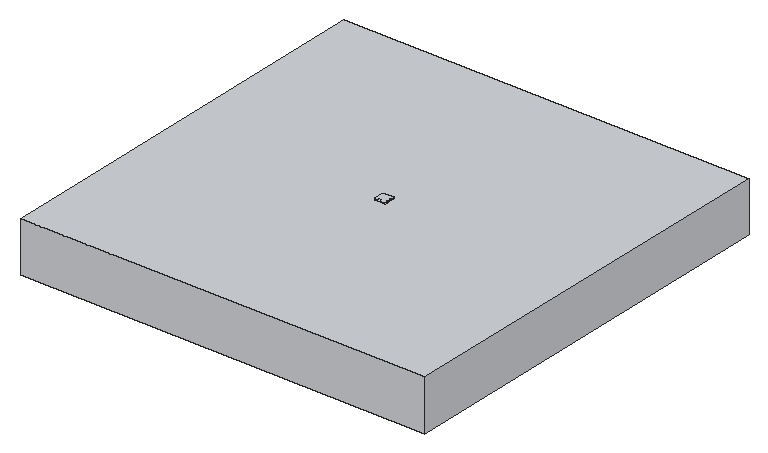
Revit family "Gira_015000", category Allgemeines Modell, Revit 2017
Family settings
  Basisbauteil = Fläche
  Kann Basisbauteil für Bewehrung sein = Nein
  Bemaßung runder Anschluss = Durchmesser verwenden
  Teiletyp = Normal
  Beim Laden mit Abzugskörper schneiden = Nein
  Gemeinsam genutzt = Nein
  Raumberechnungspunkt = Nein
Parameters
  With mounting plate = no
  With lighting = no
  Wiring system = "Two-way switch"
  Washing machine switch = no
  Default Elevation = 1219.2 mm
  URL = "https://www.gira.de/"
  Typname = "Rocker btn NO con. +  N term. Insert"
  Type of load = "Other"
  Type of lighting = "Glow lamp"
  Type of fastening = "Mounting with claw and screw"
  Transparent = no
  Surface protection = "Other"
  Suitable for degree of protection (IP) = "IP20"
  Substation input = no
  Serial dimmer = no
  Rated current = 10 A
  Push button switch = no
  Productwebsite = "http://katalog.gira.de/en/datenblatt.html?artikelnr=015000"
  Number of rockers = 1
  Number of modules (module system) = 1
  Nominal voltage [Volt] 1 = "[230:230]"
  Nominal voltage [Volt] = 250
  Mounting method = "Flush mounted (plaster)"
  Model = "Single push button"
  Method of operation = "Rocker"
  Material quality = "Other"
  Material = "Other"
  Light value memory = no
  Label space/information surface 1 = "No"
  Label space/information surface = no
  Imprint = "None"
  Illumination = "Yes"
  Hersteller = "Gira"
  Halogen free = no
  HAN = "015000"
  GTIN = "4010337150008"
  Function lighting = "Illuminated (on)"
  Frequency [Hz] = "[50:60]"
  Feedback-signal contact = no
  Dimming phase cut-on = no
  Dimming phase cut-off = no
  Data sheet = "https://katalog.gira.de/en/download.html?artikelnr=015000"
  Contacts = "1 make contact (NO)"
  Connection type = "Plug clamp"
  Colour = "Other"
  Beschreibung = "Rock.btn NO con.N term. Ins.,Rocker button insert 10 AX 250 V~,,1-pole NO contact with N terminal,Notes :,- Can also be connected with illumination."
  BIM = "https://media.stage.bim.site/public/gira/ad86d9f/Einsatz_1fach.rfa"
  Assembly arrangement = "Basic element"
  Applicable with transmission button = no
  Applicable with time switch/timer = no
  Applicable with presence indicator = no
  Applicable with movement sensor = no
  Applicable with infrared button = no
  Applicable with button = yes
  App control via Bluetooth = no
Reference planes
  plane 1 "Center (Front/Back)": y = 0
  plane 2: z = 0
  plane 3 "Center (Left/Right)": x = 0
Forms (mm)
  Extrusion 1, solid
    sketch origin (0, 0, 0) x (1, 0, 0) y (0, 1, 0)
      loop
        line (-1219.2, 1219.2) -> (-1219.2, -1219.2) -> (1219.2, -1219.2) -> (1219.2, 1219.2) -> (-1219.2, 1219.2)
    from 0 to -304.8
  Extrusion 2, solid, detail levels fine
    sketch origin (0, 0, 0) x (1, 0, 0) y (0, 1, 0)
      loop
        line (27.475, 35.475) -> (-27.475, 35.475)
        arc (-27.475, 35.475) -> (-33.132, 33.132) -> (-35.475, 27.475) r 8
        line (-35.475, 27.475) -> (-35.475, -27.475)
        arc (-35.475, -27.475) -> (-33.132, -33.132) -> (-27.475, -35.475) r 8
        line (-27.475, -35.475) -> (27.475, -35.475)
        arc (27.475, -35.475) -> (33.132, -33.132) -> (35.475, -27.475) r 8
        line (35.475, -27.475) -> (35.475, 27.475)
        arc (35.475, 27.475) -> (33.132, 33.132) -> (27.475, 35.475) r 8
    from 0 to 1.8
  Extrusion 3, solid, detail levels fine
    sketch origin (0, 0, 0) x (1, 0, 0) y (0, 1, 0)
      loop
        line (9.678, 25.4) -> (-9.678, 25.4)
        arc (-9.678, 25.4) -> (-12.885, 24.922) -> (-15.814, 23.53) r 11
        arc (-15.814, 23.53) -> (-17.795, 22.07) -> (-19.641, 20.444) r 28.35
        arc (-19.641, 20.444) -> (-21.339, 18.665) -> (-22.876, 16.745) r 28.35
        arc (-22.876, 16.745) -> (-24.456, 13.666) -> (-25, 10.248) r 11
        line (-25, 10.248) -> (-25, -10.248)
        arc (-25, -10.248) -> (-24.456, -13.666) -> (-22.876, -16.745) r 11
        arc (-22.876, -16.745) -> (-20.409, -19.677) -> (-17.569, -22.25) r 28.35
        line (-17.569, -22.25) -> (17.569, -22.25)
        arc (17.569, -22.25) -> (20.409, -19.677) -> (22.876, -16.745) r 28.35
        arc (22.876, -16.745) -> (24.456, -13.666) -> (25, -10.248) r 11
        line (25, -10.248) -> (25, 10.248)
        arc (25, 10.248) -> (24.456, 13.666) -> (22.876, 16.745) r 11
        arc (22.876, 16.745) -> (21.593, 18.37) -> (20.195, 19.897) r 28.35
        arc (20.195, 19.897) -> (18.096, 21.823) -> (15.814, 23.53) r 28.35
        arc (15.814, 23.53) -> (12.885, 24.922) -> (9.678, 25.4) r 11
    from 0 to -22
  Extrusion 4, solid, detail levels medium
    sketch origin (0, 0, 0) x (1, 0, 0) y (0, 1, 0)
      loop
        line (-25, 25.4) -> (-25, -22.25) -> (25, -22.25) -> (25, 25.4) -> (-25, 25.4)
    from 0 to -22
  Extrusion 5, solid, detail levels coarse
    sketch origin (0, 0, 0) x (1, 0, 0) y (0, 1, 0)
      loop
        line (35.475, 35.475) -> (-35.475, 35.475) -> (-35.475, -35.475) -> (35.475, -35.475) -> (35.475, 35.475)
    from -22 to 1.8
  Extrusion 6, solid, detail levels medium
    sketch origin (0, 0, 0) x (1, 0, 0) y (0, 1, 0)
      loop
        line (35.475, 35.475) -> (-35.475, 35.475) -> (-35.475, -35.475) -> (35.475, -35.475) -> (35.475, 35.475)
    from 0 to 1.8
Dimensions and locks
  aligned and locked: plane 2 to Extrusion 1
  aligned and locked: level to Extrusion 1
Connectors
  electrical at (0, 0, -22)
    settings: on Extrusion 5, index 1, voltage 220 V, apparent load 0 VA, apparent load phase1 0 VA, apparent load phase2 0 VA, apparent load phase3 0 VA, power factor 1, load classification "Other", number of poles 1, system type 30, power factor state 1, is connector primary yes, connector utility no, sub classification motor no, connector description ""
